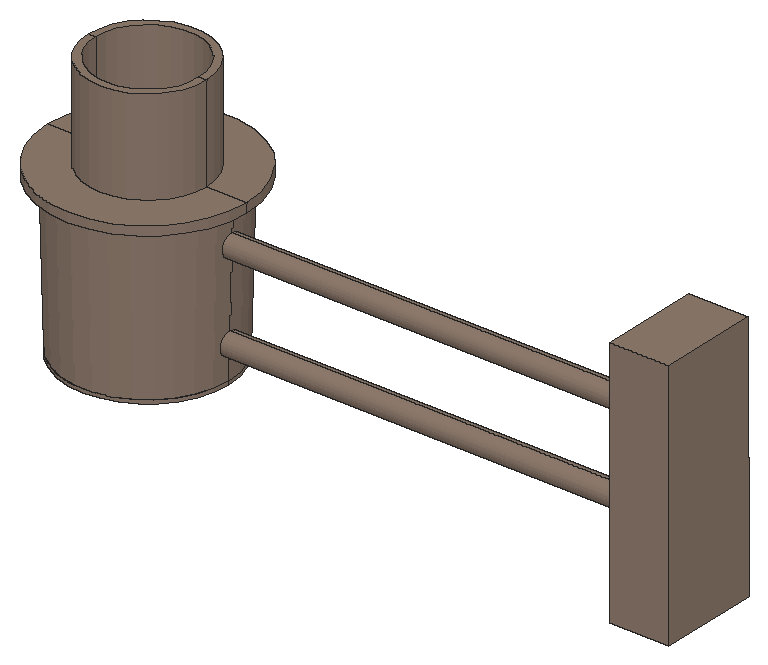
Revit family "WM451", category Generic Models, Revit 2014
Parameters
  WALL MOUNT = Bronze, Architectural
  COUPLING = Bronze, Architectural
  ARM = Bronze, Architectural
Reference planes (in)
  plane 1 "Center (Front/Back)": y = 0
  plane 2: z = 0
  plane 3 "Center (Left/Right)": x = 0
  plane 4: y = 1.6875
  plane 5: y = -1.6875
Forms (in)
  Revolve 1, solid, material "Bronze, Architectural" <- "ARM"
    sketch origin (0, 0, 0) x (1, 0, 0) y (0, 0, 1)
      loop
        line (-22.37736, 17.22868) -> (-19.00236, 17.22868) -> (-19.00236, 17.54118) -> (-22.37736, 17.54118) -> (-22.37736, 17.22868)
      axis (-19.00236, 17.54118) -> (-19.00236, 17.22868)
    angle from 0 to 360
  Revolve 2, solid, material "Bronze, Architectural" <- "ARM"
    sketch origin (0, 0, 0) x (1, 0, 0) y (0, 0, 1)
      loop
        line (-21.75236, 11.79118) -> (-19.00236, 11.79118) -> (-19.00236, 11.91618) -> (-21.75236, 11.91618) -> (-21.75236, 11.79118)
      axis (-19.00236, 11.91618) -> (-19.00236, 11.79118)
    angle from 0 to 360
  Revolve 3, solid, material "Bronze, Architectural" <- "ARM"
    sketch origin (0, 0, 0) x (1, 0, 0) y (0, 0, 1)
      loop
        line (-21.75236, 11.91618) -> (-19.00236, 11.91618) -> (-19.00236, 17.22868) -> (-21.87736, 17.22868) -> (-21.75236, 11.91618)
      axis (-19.00236, 17.22868) -> (-19.00236, 11.91618)
    angle from 0 to 360
  Extrusion 4, solid, material "Bronze, Architectural" <- "WALL MOUNT"
    sketch origin (0, 0, 0) x (1, 0, 0) y (0, 0, 1)
      loop
        line (0, 10.32243) -> (0, 18.82243) -> (-2.00236, 18.82243) -> (-2.00236, 10.32243) -> (0, 10.32243)
    from -1.6875 to 1.6875
  Revolve 5, solid, material "Bronze, Architectural" <- "ARM"
    sketch origin (0, 0, 0) x (1, 0, 0) y (0, 0, 1)
      loop
        line (-16.22148, 16.07243) -> (-16.22148, 15.69743) -> (-1.59694, 15.69743) -> (-1.59694, 16.07243) -> (-16.22148, 16.07243)
      axis (-1.59694, 16.07243) -> (-16.22148, 16.07243)
    angle from 0 to 360
  Revolve 6, solid, material "Bronze, Architectural" <- "ARM"
    sketch origin (0, 0, 0) x (1, 0, 0) y (0, 0, 1)
      loop
        line (-16.29207, 13.07243) -> (-16.29207, 12.69743) -> (-1.59694, 12.69743) -> (-1.59694, 13.07243) -> (-16.29207, 13.07243)
      axis (-1.59694, 13.07243) -> (-16.29207, 13.07243)
    angle from 0 to 360
  Revolve 7, solid, material "Bronze, Architectural" <- "COUPLING"
    sketch origin (0, 0, 0) x (1, 0, 0) y (0, 0, 1)
      loop
        line (-21.00236, 17.54118) -> (-19.00236, 17.54118) -> (-19.00236, 20.76887) -> (-21.00236, 20.76887) -> (-21.00236, 17.54118)
      axis (-19.00236, 20.76887) -> (-19.00236, 17.54118)
    angle from 0 to 360
  Revolve 8, void
    sketch origin (0, 0, 0) x (1, 0, 0) y (0, 0, 1)
      loop
        line (-20.75236, 20.76887) -> (-20.75236, 17.54118) -> (-19.00236, 17.54118) -> (-19.00236, 20.76887) -> (-20.75236, 20.76887)
      axis (-19.00236, 20.76887) -> (-19.00236, 17.54118)
    angle from 0 to 360
Cuts and joins
  Revolve 8 cuts Revolve 1
  Revolve 8 cuts Revolve 7
Dimensions and locks (in)
  aligned and locked: plane 2 to level
